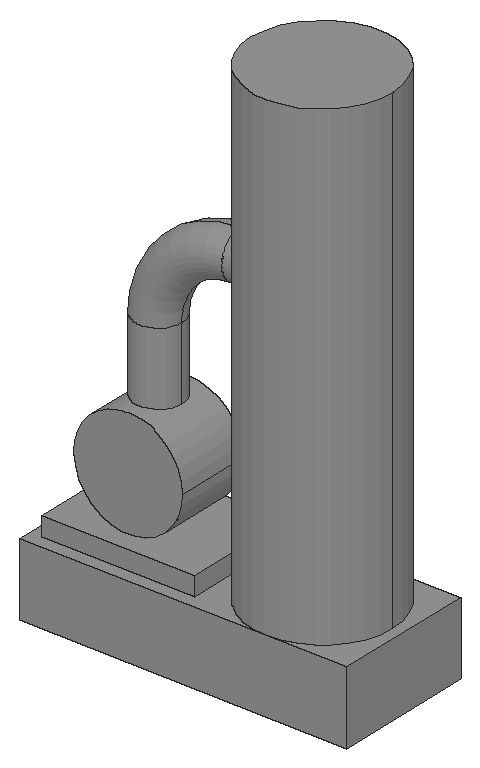
Revit family "АВЛН_Пылесос для стружки", category Мебель, Revit 2019
Family settings
  Номер OmniClass = 23.40.20.00
  Заголовок OmniClass = General Furniture and Specialties
  На основе рабочей плоскости = Нет
  Всегда вертикально = Да
  При загрузке вырезать с полостями = Нет
  Общий = Нет
  Точка расчета площади = Нет
Parameters (values of type "Пылесос для сборки стружки")
  Описание = "Пылесос для сбора стружки; 220в; n=1,5квт\r\n900Х390Х1520ММ; 2 ВХОДНЫХ ПАТРУБКА"
  Type Comments = ""
  Keynote = ""
  Manufacturer = ""
  Диаметр = ADSK_Размер_Ширина / 2  # 195 mm
  Группа модели = "Оборудование основных помещений школы"
  ADSK_Размер_Ширина = 390 mm
  ADSK_Размер_Длина = 900 mm
  ADSK_Размер_Высота = 1520 mm
  ADSK_Обозначение = "Энкор Корвет 64"
  ADSK_Масса = 0
  ADSK_Код изделия = ""
  ADSK_Единица измерения = "шт"  # constant formula
Reference planes
  plane 1 "По центру (Вперед/Назад)": y = 0
  plane 2: z = 0
  plane 3 "По центру (Влево/Вправо)": x = 0
  plane 4: z = 1520
  plane 5: y = 195
  plane 6: x = 450
  plane 7: x = -450
  plane 8: y = -195
  plane 9: x = 225
  plane 10: z = 400
  plane 11: x = -225
Forms (mm)
  Extrusion 1, solid, material "Сталь, гальванизированная"
    sketch origin (0, -518.993, 612.976) x (-1, 0, 0) y (0, -1, 0)
      loop
        line (450, -713.993) -> (450, -323.993) -> (-450, -323.993) -> (-450, -713.993) -> (450, -713.993)
    from -612.976 to -412.976
  Extrusion 2, solid, material "Металл, окрашенный, белый, матовый"
    sketch origin (0, -518.993, 592.976) x (-1, 0, 0) y (0, -1, 0)
      loop
        circle (-225, -518.993) r 195
    from -392.976 to 927.024
  Extrusion 3, solid, material "Металл, окрашенный, белый, матовый"
    sketch origin (0, 0, 0) x (1, 0, 0) y (0, 0, 1)
      loop
        circle (-225, 400) r 150
    from -102.734 to 102.734
  Sweep 4, solid, material "Винил"
    path origin (0, 0, 0) x (1, 0, 0) y (0, 0, 1)
      loop
        line (-225, 550) -> (-225, 750)
        arc (-225, 750) -> (-159.099, 909.099) -> (0, 975) r 225
        line (0, 975) -> (225, 975)
    profile origin (-225, 0, 650) x (-1, 0, 0) y (0, -1, 0)
      loop
        circle (0, 0) r 65
  Extrusion 5, solid, material "Металл, окрашенный, белый, матовый"
    sketch origin (0, -518.993, 592.976) x (-1, 0, 0) y (0, -1, 0)
      loop
        line (420, -676.493) -> (420, -361.493) -> (0, -361.493) -> (0, -676.493) -> (420, -676.493)
    from -392.976 to -342.976
Dimensions and locks
  plane 2 to plane 4 = 1520 mm
  equal spacing: plane 8, plane 1 "По центру (Вперед/Назад)", plane 5
  equal spacing: plane 7, plane 3 "По центру (Влево/Вправо)", plane 6
  "ADSK_Размер_Длина": plane 7 to plane 6
  "ADSK_Размер_Ширина": plane 5 to plane 8
  "ADSK_Размер_Высота": plane 2 to plane 4
  equal spacing: plane 3 "По центру (Влево/Вправо)", plane 9, plane 6
  locked: level to Extrusion 1 at 200
  level to plane 10 = 400 mm
  equal spacing: plane 3 "По центру (Влево/Вправо)", plane 11, plane 7
  equal spacing: Extrusion 3, plane 1 "По центру (Вперед/Назад)", Extrusion 3
  Extrusion 3 to Extrusion 3 = 205.469 mm
  equal spacing: Extrusion 5 sketch curve, plane 1 "По центру (Вперед/Назад)", Extrusion 5 sketch curve
  locked: Extrusion 5 sketch curve to plane 3 "По центру (Влево/Вправо)" at 420
  "Диаметр": radius of Extrusion 2 sketch curve
  radius of Extrusion 3 sketch curve = 150 mm
  aligned and locked: level to plane 2
  aligned and locked: Extrusion 1 sketch curve to plane 5
  aligned and locked: plane 7 to Extrusion 1 sketch curve
  aligned and locked: plane 8 to Extrusion 1 sketch curve
  aligned and locked: Extrusion 1 sketch curve to plane 6
  aligned and locked: Extrusion 1 to level
  aligned and locked: Extrusion 2 to plane 4
  aligned and locked: Extrusion 2 to Extrusion 1
  aligned and locked: Sweep 4 sketch curve to plane 11
  aligned and locked: Extrusion 5 sketch curve to plane 3 "По центру (Влево/Вправо)"
Automatic sketch dimensions
  Extrusion 3 sketch curve to plane 10 = 0 mm
  Extrusion 3 sketch curve to plane 11 = 0 mm
  Sweep 4 sketch curve to plane 3 "По центру (Влево/Вправо)" = 0 mm
  Sweep 4 sketch curve to plane 9 = 0 mm
  plane 10 to Sweep 4 sketch curve = 350 mm
  plane 10 to Sweep 4 sketch curve = 150 mm
  plane 1 "По центру (Вперед/Назад)" to Sweep 4 sketch curve = 0 mm
  Sweep 4 sketch curve to profile plane = 0 mm
  Extrusion 5 sketch curve to plane 5 = 37.5 mm
  plane 1 "По центру (Вперед/Назад)" to Extrusion 2 sketch curve = 0 mm
  Extrusion 2 sketch curve to plane 9 = 0 mm
  radius of Sweep 4 sketch curve = 65 mm
